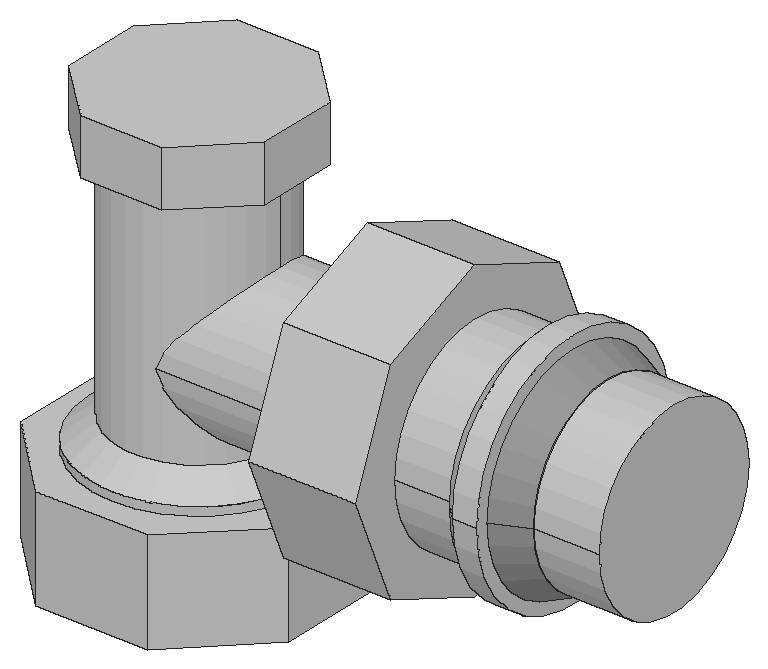
Revit family "PA_Арматура трубопроводов [клапан настроечный угловой c дополнительным уплотнением, VT.019.NR]1 - VALTEC", category Арматура трубопроводов, Revit 2018
Family settings
  Размер круглого соединителя = Использовать диаметр
  Тип детали = Вставляется
  На основе рабочей плоскости = Нет
  Всегда вертикально = Да
  При загрузке вырезать с полостями = Нет
  Общий = Нет
Parameters (values of type "VT.019.NR")
  Таблица 2 = "PA_Арматура трубопроводов [клапан настроечный угловой c дополнительным уплотнением, VT.019.NR] - VALTEC - Таблица 2"  # constant formula
  Таблица 1 = "PA_Арматура трубопроводов [клапан настроечный угловой c дополнительным уплотнением, VT.019.NR] - VALTEC - Таблица 1"  # constant formula
  Материал доп.1 = Черный - VALTEC
  Изготовитель = "VALTEC"  # constant formula
  d9 [instance] = size_lookup(Таблица 1, "d9", 0 mm, d)  # 23 mm
  d8 [instance] = size_lookup(Таблица 1, "d8", 0 mm, d)  # 21.7 mm
  d7 [instance] = size_lookup(Таблица 1, "d7", 0 mm, d)  # 31.9 mm
  d6 [instance] = size_lookup(Таблица 1, "d6", 0 mm, d)  # 24.5 mm
  d12 [instance] = size_lookup(Таблица 1, "d12", 0 mm, d)  # 20 mm
  d11 [instance] = size_lookup(Таблица 1, "d11", 0 mm, d)  # 23.4 mm
  d10 [instance] = size_lookup(Таблица 1, "d10", 0 mm, d)  # 26 mm
  b8 [instance] = size_lookup(Таблица 1, "b8", 0 mm, d)  # 8.2 mm
  b7 [instance] = size_lookup(Таблица 1, "b7", 0 mm, d)  # 3.7 mm
  b6 [instance] = size_lookup(Таблица 1, "b6", 0 mm, d)  # 2.6 mm
  b5 [instance] = size_lookup(Таблица 1, "b5", 0 mm, d)  # 1.5 mm
  b4 [instance] = size_lookup(Таблица 1, "b4", 0 mm, d)  # 6.5 mm
  b3 [instance] = size_lookup(Таблица 1, "b3", 0 mm, d)  # 11.5 mm
  a5 [instance] = size_lookup(Таблица 1, "a5", 0 mm, d)  # 6 mm
  a4 [instance] = size_lookup(Таблица 1, "a4", 0 mm, d)  # 19.8 mm
  C [instance] = size_lookup(Таблица 1, "C", 0 mm, d)  # 23 mm
  B [instance] = size_lookup(Таблица 1, "B", 0 mm, d)  # 51 mm
  b2 [instance] = size_lookup(Таблица 1, "b2", 0 mm, d)  # 1.9 mm
  d5 [instance] = size_lookup(Таблица 1, "d5", 0 mm, d)  # 17 mm
  d4 [instance] = size_lookup(Таблица 1, "d4", 0 mm, d)  # 21 mm
  d3 [instance] = size_lookup(Таблица 1, "d3", 0 mm, d)  # 17.5 mm
  d2 [instance] = size_lookup(Таблица 1, "d2", 0 mm, d)  # 23.5 mm
  d1 [instance] = size_lookup(Таблица 1, "d1", 0 mm, d)  # 28.9 mm
  d [instance] = 15 mm
  b1 [instance] = size_lookup(Таблица 1, "b1", 0 mm, d)  # 16.2 mm
  a3 [instance] = size_lookup(Таблица 1, "a3", 0 mm, d)  # 2.3 mm
  a2 [instance] = size_lookup(Таблица 1, "a2", 0 mm, d)  # 0.9 mm
  a1 [instance] = size_lookup(Таблица 1, "a1", 0 mm, d)  # 11 mm
  URL = "https://valtec.ru/"
  ADSK_Расход жидкости [instance] = 0.0 L/s
  ADSK_Примечание [instance] = ""
  ADSK_Потеря давления жидкости [instance] = 0.0 Pa
  ADSK_Позиция [instance] = ""
  ADSK_Обозначение [instance] = "VT.019.NR"  # constant formula
  ADSK_Наименование [instance] = size_lookup(Таблица 1, "", "Данный типоразмер отсутствует", d)  # "Клапан настроечный угловой c дополнительным уплотнением, 1/2"
  ADSK_Материал = Сталь, нержавеющая - VALTEC
  ADSK_Масса [instance] = if(d = 15 mm, 0.195, 0)  # 0.195
  ADSK_Марка [instance] = size_lookup(Таблица 2, "", "Данный типоразмер отсутствует", d)  # "VT.019.NR.04"
  ADSK_Код изделия [instance] = size_lookup(Таблица 2, "", "Данный типоразмер отсутствует", d)  # "VT.019.NR.04"
  ADSK_Завод-изготовитель [instance] = Изготовитель  # "VALTEC"
  ADSK_Единица измерения [instance] = "шт."  # constant formula
  ADSK_URL страницы изделия = "https://valtec.ru/catalog/radiatornaya_armatura/ruchnye_klapany_dlya_radiatorov/klapan_nastroechnyj_uglovoj_s_dopolnitelnym_uplotneniem.html"
  ADSK_URL документации изделия = "https://valtec.ru/document/technical/VT.007-008-ln-0419.pdf"
  A [instance] = size_lookup(Таблица 1, "A", 0 mm, d)  # 46 mm
Reference planes
  plane 1 "По центру (Вперед/Назад)": y = 0
  plane 2: z = 0
  plane 3 "По центру (Влево/Вправо)": x = 0
  plane 4: x = 51
  plane 5: z = 23
  plane 6: z = -23
  plane 7: z = -12
  plane 8: z = -11.1
  plane 9: z = -8.8
  plane 10: z = 11
  plane 11: z = 17
  plane 12: x = 18.1
  plane 13: x = 16.2
  plane 14: x = 29.6
  plane 15: x = 36.1
  plane 16: x = 37.6
  plane 17: x = 40.2
  plane 18: x = 43.9
Forms (mm)
  Extrusion 1, solid, material "Сталь, нержавеющая - VALTEC" <- "ADSK_Материал", detail levels medium+fine
    sketch origin (0, 0, 0) x (1, 0, 0) y (0, 1, 0)
      loop
        circle (0, 0) r 11.75
    from -12 to -11.1
  Blend 2, solid, material "Сталь, нержавеющая - VALTEC" <- "ADSK_Материал", detail levels medium+fine
    base sketch origin (0, 0, 0) x (1, 0, 0) y (0, 1, 0)
      loop
        circle (0, 0) r 11.75
    top sketch origin (0, 0, 0) x (1, 0, 0) y (0, 1, 0)
      loop
        circle (0, 0) r 8.75
    from -11.1 to -8.8
  Extrusion 3, solid, material "Сталь, нержавеющая - VALTEC" <- "ADSK_Материал", detail levels medium+fine
    sketch origin (0, 0, 0) x (1, 0, 0) y (0, 1, 0)
      loop
        circle (0, 0) r 8.75
    from -8.8 to 17
  Extrusion 4, solid, material "Сталь, нержавеющая - VALTEC" <- "ADSK_Материал", detail levels medium+fine
    sketch origin (0, 0, 0) x (0, 1, 0) y (0, 0, 1)
      loop
        circle (0, 0) r 8.5
    from 0 to 16.2
  Blend 5, solid, material "Сталь, нержавеющая - VALTEC" <- "ADSK_Материал", detail levels medium+fine
    base sketch origin (0, 0, 0) x (0, 1, 0) y (0, 0, 1)
      loop
        circle (0, 0) r 8.5
    top sketch origin (0, 0, 0) x (0, 1, 0) y (0, 0, 1)
      loop
        circle (0, 0) r 12.25
    from 16.2 to 18.1
  Extrusion 6, solid, material "Сталь, нержавеющая - VALTEC" <- "ADSK_Материал", detail levels medium+fine
    sketch origin (0, 0, 0) x (0, 1, 0) y (0, 0, 1)
      loop
        circle (0, 0) r 10.85
    from 29.6 to 36.1
  Blend 7, solid, material "Сталь, нержавеющая - VALTEC" <- "ADSK_Материал", detail levels medium+fine
    base sketch origin (0, 0, 0) x (0, 1, 0) y (0, 0, 1)
      loop
        circle (0, 0) r 11.5
    top sketch origin (0, 0, 0) x (0, 1, 0) y (0, 0, 1)
      loop
        circle (0, 0) r 13
    from 36.1 to 37.6
  Blend 8, solid, material "Черный - VALTEC" <- "Материал доп.1", detail levels medium+fine
    base sketch origin (0, 0, 0) x (0, 1, 0) y (0, 0, 1)
      loop
        circle (0, 0) r 10
    top sketch origin (0, 0, 0) x (0, 1, 0) y (0, 0, 1)
      loop
        circle (0, 0) r 11.7
    from 43.9 to 40.2
  Extrusion 9, solid, material "Сталь, нержавеющая - VALTEC" <- "ADSK_Материал", detail levels medium+fine
    sketch origin (0, 0, 0) x (0, 1, 0) y (0, 0, 1)
      loop
        circle (0, 0) r 10
    from 43.9 to 51
  Extrusion 10, solid, material "Сталь, нержавеющая - VALTEC" <- "ADSK_Материал", detail levels medium+fine
    sketch origin (0, 0, 0) x (0, 1, 0) y (0, 0, 1)
      loop
        circle (0, 0) r 13
    from 37.6 to 40.2
Cuts and joins
  joined: Extrusion 1, Blend 2, Extrusion 3, Extrusion 4, Blend 5, Extrusion 6, Blend 7, Extrusion 9, Extrusion 10
Lines and regions (mm)
  reference lines
    curve 1: line (0, 0, -23) -> (0, 0, 0)
    curve 2: line (0, 0, 0) -> (43.9, 0, 0)
  model lines, detail levels coarse
    curve 3: line (-15, 0, -23) -> (15, 0, -23)
    curve 4: line (23, 0, -15) -> (23, 0, 15)
    curve 5: line (-15, 0, -23) -> (0, 0, 0)
    curve 6: line (15, 0, -23) -> (0, 0, 0)
    curve 7: line (23, 0, 15) -> (0, 0, 0)
    curve 8: line (23, 0, -15) -> (0, 0, 0)
    curve 9: line (23, 0, 0) -> (51, 0, 0)
  symbolic lines, detail levels coarse
    curve 10: line (-15, -23, 0) -> (15, -23, 0)
    curve 11: line (23, -15, 0) -> (23, 15, 0)
    curve 12: line (-15, -23, 0) -> (0, 0, 0)
    curve 13: line (0, 0, 0) -> (15, -23, 0)
    curve 14: line (23, 15, 0) -> (0, 0, 0)
    curve 15: line (23, -15, 0) -> (0, 0, 0)
Dimensions and locks
  "B": plane 3 "По центру (Влево/Вправо)" to plane 4
  "C": plane 2 to plane 6
  "A": plane 5 to plane 6
  "a1": plane 7 to plane 6
  "a2": plane 8 to plane 7
  "a3": plane 9 to plane 8
  "a4": plane 10 to plane 9
  "a5": plane 11 to plane 10
  "b1": plane 13 to plane 3 "По центру (Влево/Вправо)"
  "b2": plane 13 to plane 12
  "b3": plane 12 to plane 14
  "b4": plane 14 to plane 15
  "b5": plane 15 to plane 16
  "b6": plane 16 to plane 17
  "b7": plane 17 to plane 18
  curve 3 to plane 3 "По центру (Влево/Вправо)" to curve 3 = 15 mm locked, 15 mm locked
  curve 4 to level to curve 4 = 15 mm locked, 15 mm locked
  "C": curve 4 to plane 3 "По центру (Влево/Вправо)"
  curve 10 to plane 3 "По центру (Влево/Вправо)" to curve 10 = 15 mm locked, 15 mm locked
  curve 11 to plane 1 "По центру (Вперед/Назад)" to curve 11 = 15 mm locked, 15 mm locked
  "C": curve 10 to plane 1 "По центру (Вперед/Назад)"
  "C": plane 3 "По центру (Влево/Вправо)" to curve 11
  "d2": diameter of Extrusion 1 sketch curve
  "d2": diameter of Blend 2 sketch curve
  "d3": diameter of Blend 2 sketch curve
  "d3": diameter of Extrusion 3 sketch curve
  "d5": diameter of Extrusion 4 sketch curve
  "d5": diameter of Blend 5 sketch curve
  "d6": diameter of Blend 5 sketch curve
  "d8": diameter of Extrusion 6 sketch curve
  "d9": diameter of Blend 7 sketch curve
  "d10": diameter of Blend 7 sketch curve
  "d12": diameter of Blend 8 sketch curve
  "d11": diameter of Blend 8 sketch curve
  "d12": diameter of Extrusion 9 sketch curve
  "d10": diameter of Extrusion 10 sketch curve
  aligned and locked: level to plane 2
  aligned and locked: plane 3 "По центру (Влево/Вправо)" to nested 1
  aligned and locked: plane 1 "По центру (Вперед/Назад)" to nested 1
  aligned and locked: nested 1 to plane 6
  aligned and locked: plane 1 "По центру (Вперед/Назад)" to Extrusion 1 sketch curve
  aligned and locked: plane 3 "По центру (Влево/Вправо)" to Extrusion 1 sketch curve
  aligned and locked: plane 3 "По центру (Влево/Вправо)" to Blend 2 sketch curve  (x2)
  aligned and locked: plane 1 "По центру (Вперед/Назад)" to Blend 2 sketch curve  (x2)
  aligned and locked: plane 1 "По центру (Вперед/Назад)" to Extrusion 3 sketch curve
  aligned and locked: plane 3 "По центру (Влево/Вправо)" to Extrusion 3 sketch curve
  aligned and locked: plane 5 to nested 2
  aligned and locked: plane 9 to Blend 2
  aligned and locked: Blend 2 to plane 8
  aligned and locked: Extrusion 1 to plane 7
  aligned and locked: plane 8 to Extrusion 1
  aligned and locked: Extrusion 3 to plane 9
  aligned and locked: plane 11 to Extrusion 3
  aligned and locked: plane 1 "По центру (Вперед/Назад)" to Extrusion 4 sketch curve
  aligned and locked: level to Extrusion 4 sketch curve
  aligned and locked: level to Blend 5 sketch curve  (x2)
  aligned and locked: plane 1 "По центру (Вперед/Назад)" to Blend 5 sketch curve  (x2)
  aligned and locked: Extrusion 4 to plane 3 "По центру (Влево/Вправо)"
  aligned and locked: Extrusion 4 to plane 13
  aligned and locked: plane 13 to Blend 5
  aligned and locked: Blend 5 to plane 12
  aligned and locked: plane 1 "По центру (Вперед/Назад)" to nested 3
  aligned and locked: plane 12 to nested 3
  aligned and locked: level to Extrusion 6 sketch curve
  aligned and locked: plane 1 "По центру (Вперед/Назад)" to Extrusion 6 sketch curve
  aligned and locked: plane 1 "По центру (Вперед/Назад)" to Blend 7 sketch curve  (x2)
  aligned and locked: level to Blend 7 sketch curve  (x2)
  aligned and locked: plane 14 to Extrusion 6
  aligned and locked: Extrusion 6 to plane 15
  aligned and locked: plane 15 to Blend 7
  aligned and locked: Blend 7 to plane 16
  aligned and locked: plane 1 "По центру (Вперед/Назад)" to Blend 8 sketch curve  (x2)
  aligned and locked: level to Blend 8 sketch curve  (x2)
  aligned and locked: plane 1 "По центру (Вперед/Назад)" to Extrusion 9 sketch curve
  aligned and locked: level to Extrusion 9 sketch curve
  aligned and locked: plane 17 to Blend 8
  aligned and locked: Blend 8 to plane 18
  aligned and locked: plane 18 to Extrusion 9
  aligned and locked: Extrusion 9 to plane 4
  aligned and locked: level to Extrusion 10 sketch curve
  aligned and locked: plane 1 "По центру (Вперед/Назад)" to Extrusion 10 sketch curve
  aligned and locked: plane 16 to Extrusion 10
  aligned and locked: Extrusion 10 to plane 17
  aligned and locked: plane 18 to curve 2
  aligned and locked: plane 3 "По центру (Влево/Вправо)" to curve 2
  aligned and locked: level to curve 1
  aligned and locked: plane 6 to curve 1
  aligned and locked: plane 3 "По центру (Влево/Вправо)" to curve 1
  aligned and locked: curve 3 to plane 6
  aligned and locked: curve 4 to curve 9
  aligned and locked: plane 4 to curve 9
  aligned and locked: curve 9 to level
Nested families
  nested 1: "Гайка - вертикаль" at (0, 0, -23) x (0.3827, 0.9239, 0) z (0, 0, 1), ADSK_Материал <- "ADSK_Материал", d <- "d1", h <- "a1", type "Гайка - вертикаль", detail levels medium+fine
    with h 11 mm, d 28.9 mm, ADSK_Материал Сталь, нержавеющая - VALTEC
  nested 2: "Гайка - вертикаль" at (0, 0, 17) x (0.3827, 0.9239, 0) z (0, 0, 1), d <- "d4", h <- "a5", ADSK_Материал <- "ADSK_Материал", type "Гайка - вертикаль", detail levels medium+fine
    with h 6 mm, d 21 mm, ADSK_Материал Сталь, нержавеющая - VALTEC
  nested 3: "Гайка - горизонталь" at (23.85, 0, 0), d3 <- "d7", B <- "b3", ADSK_Материал <- "ADSK_Материал", type "Гайка - горизонталь", detail levels medium+fine
    with hr 29.472 mm, d3 31.9 mm, B 11.5 mm, ADSK_Материал Сталь, нержавеющая - VALTEC
Connectors
  piping at (51, 0, 0), diameter 15, driven by "d", driven by "ADSK_Расход жидкости", driven by "ADSK_Потеря давления жидкости"
    settings: on curve 9, index 1, connector inside diameter 609.6 mm, connector length 0 mm, flow factor 0, pipe flow 0.0 L/s, pressure drop 0.0 Pa, fitting loss kfactor 0, connector angle 0.00°, fixture units 0, engagement length 0 mm, angle of deflection 0.00°, flow configuration 0, flow direction 0, fitting loss method 4, system type 29, joint type 0, gender type 0, connector reference index 2, connector utility 0, adjustable connector no, is connector primary yes, connector description ""
  piping at (0, 0, -23), diameter 15, driven by "d", driven by "ADSK_Расход жидкости"
    settings: on curve 1, index 2, connector inside diameter 609.6 mm, connector length 0 mm, flow factor 0, pipe flow 0.0 L/s, pressure drop 0.0 Pa, fitting loss kfactor 0, connector angle 0.00°, fixture units 0, engagement length 0 mm, angle of deflection 0.00°, flow configuration 0, flow direction 0, fitting loss method 0, system type 29, joint type 0, gender type 0, connector reference index 1, connector utility 0, adjustable connector no, is connector primary no, connector description ""
Definition of nested family "Гайка - вертикаль"
  Parameters (values of type "Гайка - вертикаль")
    h [instance] = 7.5 mm
    d [instance] = 11.918 mm
    ADSK_Материал [instance] = none
  Reference planes
    plane 1 "По центру (Вперед/Назад)": y = 0
    plane 2: z = 0
    plane 3 "По центру (Влево/Вправо)": x = 0
    plane 4: x = -6.45
    plane 5: x = 6.45
    plane 6: through (737.894, 1797.006, 1200) normal (0.9239, -0.3827, 0)
    plane 7: through (765.367, 1847.759, 1200) normal (0.9239, -0.3827, 0)
    plane 8: through (792.839, 1898.512, 1200) normal (0.9239, -0.3827, 0)
    plane 9: through (-737.894, 1797.006, 1200) normal (0.9239, 0.3827, 0)
    plane 10: through (-765.367, 1847.759, 1200) normal (0.9239, 0.3827, 0)
    plane 11: through (-792.839, 1898.512, 1200) normal (0.9239, 0.3827, 0)
    plane 12: through (1845.479, 770.872, 1200) normal (0.3827, -0.9239, 0)
    plane 13: through (1847.759, 765.367, 1200) normal (0.3827, -0.9239, 0)
    plane 14: through (1850.039, 759.861, 1200) normal (0.3827, -0.9239, 0)
    plane 15: through (-1845.479, 770.872, 1200) normal (0.3827, 0.9239, 0)
    plane 16: through (-1847.759, 765.367, 1200) normal (0.3827, 0.9239, 0)
    plane 17: through (-1850.039, 759.861, 1200) normal (0.3827, 0.9239, 0)
    plane 18: z = 7.5
  Forms (mm)
    Extrusion 1, solid, material <- "ADSK_Материал"
      sketch origin (0, 0, 0) x (1, 0, 0) y (0, 1, 0)
        loop
          line (0, 6.45) -> (-4.561, 4.561) -> (-6.45, 0) -> (-4.561, -4.561) -> (0, -6.45) -> (4.561, -4.561) -> (6.45, 0) -> (4.561, 4.561) -> (0, 6.45)
      from 0 to 7.5
  Lines and regions (mm)
    reference lines
      curve 1: line (-5.505, -2.28, 0) -> (5.505, 2.28, 0)
      curve 2: line (-2.28, 5.505, 0) -> (2.28, -5.505, 0)
  Dimensions and locks
    equal spacing: plane 4, plane 3 "По центру (Влево/Вправо)", plane 5
    locked: plane 4 to plane 5 at 12.9
    equal spacing: plane 6, plane 7, plane 8
    "d": plane 6 to plane 8
    equal spacing: plane 9, plane 10, plane 11
    "d": plane 9 to plane 11
    equal spacing: plane 12, plane 13, plane 14
    "d": plane 12 to plane 14
    equal spacing: plane 15, plane 16, plane 17
    "d": plane 15 to plane 17
    "h": plane 18 to plane 2
    aligned and locked: level to plane 2
    aligned and locked: plane 12 to Extrusion 1 sketch curve
    aligned and locked: plane 15 to Extrusion 1 sketch curve
    aligned and locked: plane 9 to Extrusion 1 sketch curve
    aligned and locked: Extrusion 1 sketch curve to plane 8
    aligned and locked: Extrusion 1 sketch curve to plane 14
    aligned and locked: Extrusion 1 sketch curve to plane 17
    aligned and locked: Extrusion 1 sketch curve to plane 11
    aligned and locked: plane 6 to Extrusion 1 sketch curve
    aligned and locked: plane 18 to Extrusion 1
    aligned and locked: plane 12 to curve 2
    aligned and locked: plane 14 to curve 2
    aligned and locked: plane 9 to curve 1
    aligned and locked: plane 11 to curve 1
    aligned and locked: curve 1 to plane 13
    aligned and locked: curve 2 to plane 10
Definition of nested family "Гайка - горизонталь"
  Parameters (values of type "Гайка - горизонталь")
    hr [instance] = d3 / 2 * cos(180.00° / 8) * 2  # 588.881 mm
    d3 [instance] = 637.4 mm
    B [instance] = 637.4 mm
    ADSK_Материал [instance] = none
  Reference planes
    plane 1 "По центру (Вперед/Назад)": y = 0
    plane 2: z = 0
    plane 3 "По центру (Влево/Вправо)": x = 0
    plane 4: y = 318.7
    plane 5: y = -318.7
    plane 6: through (0, -912.519, 2972.425) normal (0, -0.9239, -0.3827)
    plane 7: through (0, -1234.338, 2979.956) normal (0, -0.9239, -0.3827)
    plane 8: through (0, -1556.157, 2987.486) normal (0, -0.9239, -0.3827)
    plane 9: through (0, 1234.338, 2979.956) normal (0, -0.9239, 0.3827)
    plane 10: through (0, -2420.114, 1321.144) normal (0, -0.3827, -0.9239)
    plane 11: through (0, -2532.792, 1049.117) normal (0, -0.3827, -0.9239)
    plane 12: through (0, -2645.469, 777.089) normal (0, -0.3827, -0.9239)
    plane 13: through (0, 2420.114, 1321.144) normal (0, -0.3827, 0.9239)
    plane 14: through (0, 2532.792, 1049.117) normal (0, -0.3827, 0.9239)
    plane 15: through (0, 2645.469, 777.089) normal (0, -0.3827, 0.9239)
    plane 16: through (0, 912.519, 2972.425) normal (0, -0.9239, 0.3827)
    plane 17: through (0, 1234.338, 2979.956) normal (0, -0.9239, 0.3827)
    plane 18: through (0, 1556.157, 2987.486) normal (0, -0.9239, 0.3827)
    plane 19: x = 318.7
    plane 20: x = -318.7
  Forms (mm)
    Extrusion 1, solid, material <- "ADSK_Материал"
      sketch origin (0, 0, 0) x (0, 1, 0) y (0, 0, 1)
        loop
          line (0, 318.7) -> (-225.355, 225.355) -> (-318.7, 0) -> (-225.355, -225.355) -> (0, -318.7) -> (225.355, -225.355) -> (318.7, 0) -> (225.355, 225.355) -> (0, 318.7)
      from -318.7 to 318.7
  Dimensions and locks
    equal spacing: plane 4, plane 1 "По центру (Вперед/Назад)", plane 5
    "d3": plane 4 to plane 5
    equal spacing: plane 8, plane 7, plane 6
    "hr": plane 8 to plane 6
    equal spacing: plane 12, plane 11, plane 10
    "hr": plane 12 to plane 10
    equal spacing: plane 15, plane 14, plane 13
    "hr": plane 15 to plane 13
    equal spacing: plane 18, plane 17, plane 16
    "hr": plane 18 to plane 16
    equal spacing: plane 20, plane 3 "По центру (Влево/Вправо)", plane 19
    "B": plane 20 to plane 19
    aligned and locked: level to plane 2
    aligned and locked: plane 10 to Extrusion 1 sketch curve
    aligned and locked: plane 13 to Extrusion 1 sketch curve
    aligned and locked: plane 16 to Extrusion 1 sketch curve
    aligned and locked: Extrusion 1 sketch curve to plane 8
    aligned and locked: Extrusion 1 sketch curve to plane 12
    aligned and locked: Extrusion 1 sketch curve to plane 15
    aligned and locked: Extrusion 1 sketch curve to plane 18
    aligned and locked: plane 6 to Extrusion 1 sketch curve
    aligned and locked: plane 19 to Extrusion 1
    aligned and locked: plane 20 to Extrusion 1
    aligned and locked: Extrusion 1 to plane 19
